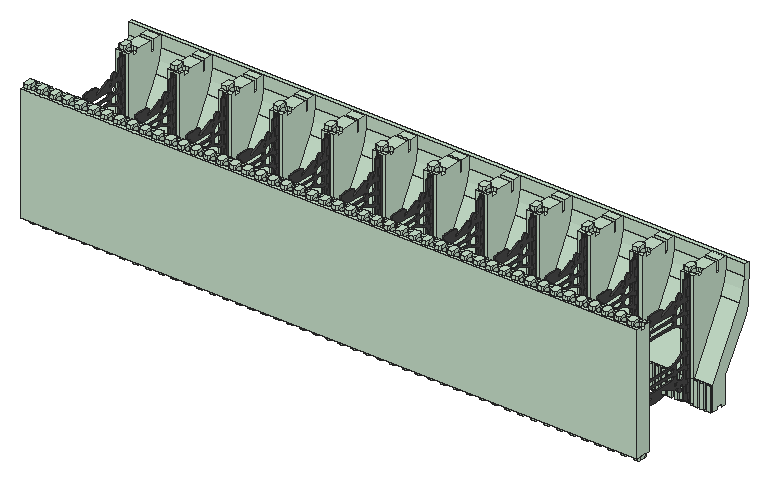
Revit family (continued)
Forms (mm)
  Extrusion 54, void
    sketch origin (1574.8, -0.084, 0) x (-1, 0, 0) y (0, -1, 0)
      loop
        arc (50.8, -101.014) -> (50.362, -98.696) -> (49.108, -96.698) r 6.35
        arc (49.108, -96.698) -> (48.795, -96.199) -> (48.685, -95.62) r 1.588
        line (48.685, -95.62) -> (48.685, -86.829) -> (44.346, -86.829) -> (44.346, -92.457)
        arc (44.346, -92.457) -> (43.786, -93.668) -> (42.5, -94.024) r 1.587
        arc (42.5, -94.024) -> (36.091, -93.737) -> (29.796, -94.972) r 26.988
        arc (29.796, -94.972) -> (26.615, -97.278) -> (25.4, -101.014) r 6.35
        line (25.4, -101.014) -> (25.4, -124.411)
    from 457.2 to 444.5
  Extrusion 55, void
    sketch origin (1371.6, -0.084, 0) x (-1, 0, 0) y (0, -1, 0)
      loop
        arc (25.4, -124.411) -> (26.615, -128.147) -> (29.796, -130.453) r 6.35
        arc (29.796, -130.453) -> (38.1, -131.763) -> (46.404, -130.453) r 26.987
        arc (46.404, -130.453) -> (49.585, -128.147) -> (50.8, -124.411) r 6.35
        line (50.8, -124.411) -> (50.8, -101.014)
        arc (50.8, -101.014) -> (50.362, -98.696) -> (49.108, -96.698) r 6.35
        arc (49.108, -96.698) -> (48.795, -96.199) -> (48.685, -95.62) r 1.588
        line (48.685, -95.62) -> (48.685, -86.829) -> (44.346, -86.829) -> (44.346, -92.457)
        arc (44.346, -92.457) -> (43.786, -93.668) -> (42.5, -94.024) r 1.587
        arc (42.5, -94.024) -> (36.091, -93.737) -> (29.796, -94.972) r 26.988
        arc (29.796, -94.972) -> (26.615, -97.278) -> (25.4, -101.014) r 6.35
        line (25.4, -101.014) -> (25.4, -124.411)
    from 457.2 to 444.5
  Extrusion 56, void
    sketch origin (1168.4, -0.084, 0) x (-1, 0, 0) y (0, -1, 0)
      loop
        arc (25.4, -124.411) -> (26.615, -128.147) -> (29.796, -130.453) r 6.35
        arc (29.796, -130.453) -> (38.1, -131.763) -> (46.404, -130.453) r 26.987
        arc (46.404, -130.453) -> (49.585, -128.147) -> (50.8, -124.411) r 6.35
        line (50.8, -124.411) -> (50.8, -101.014)
        arc (50.8, -101.014) -> (50.362, -98.696) -> (49.108, -96.698) r 6.35
        arc (49.108, -96.698) -> (48.795, -96.199) -> (48.685, -95.62) r 1.588
        line (48.685, -95.62) -> (48.685, -86.829) -> (44.346, -86.829) -> (44.346, -92.457)
        arc (44.346, -92.457) -> (43.786, -93.668) -> (42.5, -94.024) r 1.587
        arc (42.5, -94.024) -> (36.091, -93.737) -> (29.796, -94.972) r 26.988
        arc (29.796, -94.972) -> (26.615, -97.278) -> (25.4, -101.014) r 6.35
        line (25.4, -101.014) -> (25.4, -124.411)
    from 457.2 to 444.5
  Extrusion 57, void
    sketch origin (965.2, -0.084, 0) x (-1, 0, 0) y (0, -1, 0)
      loop
        arc (25.4, -124.411) -> (26.615, -128.147) -> (29.796, -130.453) r 6.35
        arc (29.796, -130.453) -> (38.1, -131.763) -> (46.404, -130.453) r 26.987
        arc (46.404, -130.453) -> (49.585, -128.147) -> (50.8, -124.411) r 6.35
        line (50.8, -124.411) -> (50.8, -101.014)
        arc (50.8, -101.014) -> (50.362, -98.696) -> (49.108, -96.698) r 6.35
        arc (49.108, -96.698) -> (48.795, -96.199) -> (48.685, -95.62) r 1.588
        line (48.685, -95.62) -> (48.685, -86.829) -> (44.346, -86.829) -> (44.346, -92.457)
        arc (44.346, -92.457) -> (43.786, -93.668) -> (42.5, -94.024) r 1.587
        arc (42.5, -94.024) -> (36.091, -93.737) -> (29.796, -94.972) r 26.988
        arc (29.796, -94.972) -> (26.615, -97.278) -> (25.4, -101.014) r 6.35
        line (25.4, -101.014) -> (25.4, -124.411)
    from 457.2 to 444.5
  Extrusion 58, void
    sketch origin (762, -0.084, 0) x (-1, 0, 0) y (0, -1, 0)
      loop
        arc (25.4, -124.411) -> (26.615, -128.147) -> (29.796, -130.453) r 6.35
        arc (29.796, -130.453) -> (38.1, -131.763) -> (46.404, -130.453) r 26.987
        arc (46.404, -130.453) -> (49.585, -128.147) -> (50.8, -124.411) r 6.35
        line (50.8, -124.411) -> (50.8, -101.014)
        arc (50.8, -101.014) -> (50.362, -98.696) -> (49.108, -96.698) r 6.35
        arc (49.108, -96.698) -> (48.795, -96.199) -> (48.685, -95.62) r 1.588
        line (48.685, -95.62) -> (48.685, -86.829) -> (44.346, -86.829) -> (44.346, -92.457)
        arc (44.346, -92.457) -> (43.786, -93.668) -> (42.5, -94.024) r 1.587
        arc (42.5, -94.024) -> (36.091, -93.737) -> (29.796, -94.972) r 26.988
        arc (29.796, -94.972) -> (26.615, -97.278) -> (25.4, -101.014) r 6.35
        line (25.4, -101.014) -> (25.4, -124.411)
    from 457.2 to 444.5
  Extrusion 59, void
    sketch origin (558.8, -0.084, 0) x (-1, 0, 0) y (0, -1, 0)
      loop
        arc (25.4, -124.411) -> (26.615, -128.147) -> (29.796, -130.453) r 6.35
        arc (29.796, -130.453) -> (38.1, -131.763) -> (46.404, -130.453) r 26.987
        arc (46.404, -130.453) -> (49.585, -128.147) -> (50.8, -124.411) r 6.35
        line (50.8, -124.411) -> (50.8, -101.014)
        arc (50.8, -101.014) -> (50.362, -98.696) -> (49.108, -96.698) r 6.35
        arc (49.108, -96.698) -> (48.795, -96.199) -> (48.685, -95.62) r 1.588
        line (48.685, -95.62) -> (48.685, -86.829) -> (44.346, -86.829) -> (44.346, -92.457)
        arc (44.346, -92.457) -> (43.786, -93.668) -> (42.5, -94.024) r 1.587
        arc (42.5, -94.024) -> (36.091, -93.737) -> (29.796, -94.972) r 26.988
        arc (29.796, -94.972) -> (26.615, -97.278) -> (25.4, -101.014) r 6.35
        line (25.4, -101.014) -> (25.4, -124.411)
    from 457.2 to 444.5
  Extrusion 60, void
    sketch origin (355.6, -0.084, 0) x (-1, 0, 0) y (0, -1, 0)
      loop
        arc (25.4, -124.411) -> (26.615, -128.147) -> (29.796, -130.453) r 6.35
        arc (29.796, -130.453) -> (38.1, -131.763) -> (46.404, -130.453) r 26.987
        arc (46.404, -130.453) -> (49.585, -128.147) -> (50.8, -124.411) r 6.35
        line (50.8, -124.411) -> (50.8, -101.014)
        arc (50.8, -101.014) -> (50.362, -98.696) -> (49.108, -96.698) r 6.35
        arc (49.108, -96.698) -> (48.795, -96.199) -> (48.685, -95.62) r 1.588
        line (48.685, -95.62) -> (48.685, -86.829) -> (44.346, -86.829) -> (44.346, -92.457)
        arc (44.346, -92.457) -> (43.786, -93.668) -> (42.5, -94.024) r 1.587
        arc (42.5, -94.024) -> (36.091, -93.737) -> (29.796, -94.972) r 26.988
        arc (29.796, -94.972) -> (26.615, -97.278) -> (25.4, -101.014) r 6.35
        line (25.4, -101.014) -> (25.4, -124.411)
    from 457.2 to 444.5
  Extrusion 61, void
    sketch origin (152.4, -0.084, 0) x (-1, 0, 0) y (0, -1, 0)
      loop
        arc (25.4, -124.411) -> (26.615, -128.147) -> (29.796, -130.453) r 6.35
        arc (29.796, -130.453) -> (38.1, -131.763) -> (46.404, -130.453) r 26.987
        arc (46.404, -130.453) -> (49.585, -128.147) -> (50.8, -124.411) r 6.35
        line (50.8, -124.411) -> (50.8, -101.014)
        arc (50.8, -101.014) -> (50.362, -98.696) -> (49.108, -96.698) r 6.35
        arc (49.108, -96.698) -> (48.795, -96.199) -> (48.685, -95.62) r 1.588
        line (48.685, -95.62) -> (48.685, -86.829) -> (44.346, -86.829) -> (44.346, -92.457)
        arc (44.346, -92.457) -> (43.786, -93.668) -> (42.5, -94.024) r 1.587
        arc (42.5, -94.024) -> (36.091, -93.737) -> (29.796, -94.972) r 26.988
        arc (29.796, -94.972) -> (26.615, -97.278) -> (25.4, -101.014) r 6.35
        line (25.4, -101.014) -> (25.4, -124.411)
    from 457.2 to 444.5
  Extrusion 62, void
    sketch origin (50.8, -152.484, 0) x (-1, 0, 0) y (0, -1, 0)
      loop
        line (25.4, 124.411) -> (25.4, 101.014)
        arc (25.4, 101.014) -> (26.615, 97.278) -> (29.796, 94.972) r 6.35
        arc (29.796, 94.972) -> (36.091, 93.737) -> (42.5, 94.024) r 26.988
        arc (42.5, 94.024) -> (43.786, 93.668) -> (44.346, 92.457) r 1.587
        line (44.346, 92.457) -> (44.346, 86.829) -> (48.685, 86.829) -> (48.685, 95.62)
        arc (48.685, 95.62) -> (48.795, 96.199) -> (49.108, 96.698) r 1.588
        arc (49.108, 96.698) -> (50.362, 98.696) -> (50.8, 101.014) r 6.35
        line (50.8, 101.014) -> (50.8, 124.411)
        arc (50.8, 124.411) -> (49.585, 128.147) -> (46.404, 130.453) r 6.35
        arc (46.404, 130.453) -> (38.1, 131.763) -> (29.796, 130.453) r 26.987
        arc (29.796, 130.453) -> (26.615, 128.147) -> (25.4, 124.411) r 6.35
    from 0 to 12.7
  Extrusion 63, void
    sketch origin (101.6, -152.484, 0) x (-1, 0, 0) y (0, -1, 0)
      loop
        line (25.4, 124.411) -> (25.4, 101.014)
        arc (25.4, 101.014) -> (26.615, 97.278) -> (29.796, 94.972) r 6.35
        arc (29.796, 94.972) -> (36.091, 93.737) -> (42.5, 94.024) r 26.988
        arc (42.5, 94.024) -> (43.786, 93.668) -> (44.346, 92.457) r 1.587
        line (44.346, 92.457) -> (44.346, 86.829) -> (48.685, 86.829) -> (48.685, 95.62)
        arc (48.685, 95.62) -> (48.795, 96.199) -> (49.108, 96.698) r 1.588
        arc (49.108, 96.698) -> (50.362, 98.696) -> (50.8, 101.014) r 6.35
        line (50.8, 101.014) -> (50.8, 124.411)
        arc (50.8, 124.411) -> (49.585, 128.147) -> (46.404, 130.453) r 6.35
        arc (46.404, 130.453) -> (38.1, 131.763) -> (29.796, 130.453) r 26.987
        arc (29.796, 130.453) -> (26.615, 128.147) -> (25.4, 124.411) r 6.35
    from 0 to 12.7
  Extrusion 64, void
    sketch origin (152.4, -152.484, 0) x (-1, 0, 0) y (0, -1, 0)
      loop
        line (25.4, 124.411) -> (25.4, 101.014)
        arc (25.4, 101.014) -> (26.615, 97.278) -> (29.796, 94.972) r 6.35
        arc (29.796, 94.972) -> (36.091, 93.737) -> (42.5, 94.024) r 26.988
        arc (42.5, 94.024) -> (43.786, 93.668) -> (44.346, 92.457) r 1.587
        line (44.346, 92.457) -> (44.346, 86.829) -> (48.685, 86.829) -> (48.685, 95.62)
        arc (48.685, 95.62) -> (48.795, 96.199) -> (49.108, 96.698) r 1.588
        arc (49.108, 96.698) -> (50.362, 98.696) -> (50.8, 101.014) r 6.35
        line (50.8, 101.014) -> (50.8, 124.411)
        arc (50.8, 124.411) -> (49.585, 128.147) -> (46.404, 130.453) r 6.35
        arc (46.404, 130.453) -> (38.1, 131.763) -> (29.796, 130.453) r 26.987
        arc (29.796, 130.453) -> (26.615, 128.147) -> (25.4, 124.411) r 6.35
    from 0 to 12.7
  Extrusion 65, void
    sketch origin (203.2, -152.484, 0) x (-1, 0, 0) y (0, -1, 0)
      loop
        line (25.4, 124.411) -> (25.4, 101.014)
        arc (25.4, 101.014) -> (26.615, 97.278) -> (29.796, 94.972) r 6.35
        arc (29.796, 94.972) -> (36.091, 93.737) -> (42.5, 94.024) r 26.988
        arc (42.5, 94.024) -> (43.786, 93.668) -> (44.346, 92.457) r 1.587
        line (44.346, 92.457) -> (44.346, 86.829) -> (48.685, 86.829) -> (48.685, 95.62)
        arc (48.685, 95.62) -> (48.795, 96.199) -> (49.108, 96.698) r 1.588
        arc (49.108, 96.698) -> (50.362, 98.696) -> (50.8, 101.014) r 6.35
        line (50.8, 101.014) -> (50.8, 124.411)
        arc (50.8, 124.411) -> (49.585, 128.147) -> (46.404, 130.453) r 6.35
        arc (46.404, 130.453) -> (38.1, 131.763) -> (29.796, 130.453) r 26.987
        arc (29.796, 130.453) -> (26.615, 128.147) -> (25.4, 124.411) r 6.35
    from 0 to 12.7
  Extrusion 66, void
    sketch origin (254, -152.484, 0) x (-1, 0, 0) y (0, -1, 0)
      loop
        line (25.4, 124.411) -> (25.4, 101.014)
        arc (25.4, 101.014) -> (26.615, 97.278) -> (29.796, 94.972) r 6.35
        arc (29.796, 94.972) -> (36.091, 93.737) -> (42.5, 94.024) r 26.988
        arc (42.5, 94.024) -> (43.786, 93.668) -> (44.346, 92.457) r 1.587
        line (44.346, 92.457) -> (44.346, 86.829) -> (48.685, 86.829) -> (48.685, 95.62)
        arc (48.685, 95.62) -> (48.795, 96.199) -> (49.108, 96.698) r 1.588
        arc (49.108, 96.698) -> (50.362, 98.696) -> (50.8, 101.014) r 6.35
        line (50.8, 101.014) -> (50.8, 124.411)
        arc (50.8, 124.411) -> (49.585, 128.147) -> (46.404, 130.453) r 6.35
        arc (46.404, 130.453) -> (38.1, 131.763) -> (29.796, 130.453) r 26.987
        arc (29.796, 130.453) -> (26.615, 128.147) -> (25.4, 124.411) r 6.35
    from 0 to 12.7
  Extrusion 67, void
    sketch origin (304.8, -152.484, 0) x (-1, 0, 0) y (0, -1, 0)
      loop
        line (25.4, 124.411) -> (25.4, 101.014)
        arc (25.4, 101.014) -> (26.615, 97.278) -> (29.796, 94.972) r 6.35
        arc (29.796, 94.972) -> (36.091, 93.737) -> (42.5, 94.024) r 26.988
        arc (42.5, 94.024) -> (43.786, 93.668) -> (44.346, 92.457) r 1.587
        line (44.346, 92.457) -> (44.346, 86.829) -> (48.685, 86.829) -> (48.685, 95.62)
        arc (48.685, 95.62) -> (48.795, 96.199) -> (49.108, 96.698) r 1.588
        arc (49.108, 96.698) -> (50.362, 98.696) -> (50.8, 101.014) r 6.35
        line (50.8, 101.014) -> (50.8, 124.411)
        arc (50.8, 124.411) -> (49.585, 128.147) -> (46.404, 130.453) r 6.35
        arc (46.404, 130.453) -> (38.1, 131.763) -> (29.796, 130.453) r 26.987
        arc (29.796, 130.453) -> (26.615, 128.147) -> (25.4, 124.411) r 6.35
    from 0 to 12.7
  Extrusion 68, void
    sketch origin (355.6, -152.484, 0) x (-1, 0, 0) y (0, -1, 0)
      loop
        line (25.4, 124.411) -> (25.4, 101.014)
        arc (25.4, 101.014) -> (26.615, 97.278) -> (29.796, 94.972) r 6.35
        arc (29.796, 94.972) -> (36.091, 93.737) -> (42.5, 94.024) r 26.988
        arc (42.5, 94.024) -> (43.786, 93.668) -> (44.346, 92.457) r 1.587
        line (44.346, 92.457) -> (44.346, 86.829) -> (48.685, 86.829) -> (48.685, 95.62)
        arc (48.685, 95.62) -> (48.795, 96.199) -> (49.108, 96.698) r 1.588
        arc (49.108, 96.698) -> (50.362, 98.696) -> (50.8, 101.014) r 6.35
        line (50.8, 101.014) -> (50.8, 124.411)
        arc (50.8, 124.411) -> (49.585, 128.147) -> (46.404, 130.453) r 6.35
        arc (46.404, 130.453) -> (38.1, 131.763) -> (29.796, 130.453) r 26.987
        arc (29.796, 130.453) -> (26.615, 128.147) -> (25.4, 124.411) r 6.35
    from 0 to 12.7
  Extrusion 69, void
    sketch origin (406.4, -152.484, 0) x (-1, 0, 0) y (0, -1, 0)
      loop
        line (25.4, 124.411) -> (25.4, 101.014)
        arc (25.4, 101.014) -> (26.615, 97.278) -> (29.796, 94.972) r 6.35
        arc (29.796, 94.972) -> (36.091, 93.737) -> (42.5, 94.024) r 26.988
        arc (42.5, 94.024) -> (43.786, 93.668) -> (44.346, 92.457) r 1.587
        line (44.346, 92.457) -> (44.346, 86.829) -> (48.685, 86.829) -> (48.685, 95.62)
        arc (48.685, 95.62) -> (48.795, 96.199) -> (49.108, 96.698) r 1.588
        arc (49.108, 96.698) -> (50.362, 98.696) -> (50.8, 101.014) r 6.35
        line (50.8, 101.014) -> (50.8, 124.411)
        arc (50.8, 124.411) -> (49.585, 128.147) -> (46.404, 130.453) r 6.35
        arc (46.404, 130.453) -> (38.1, 131.763) -> (29.796, 130.453) r 26.987
        arc (29.796, 130.453) -> (26.615, 128.147) -> (25.4, 124.411) r 6.35
    from 0 to 12.7
  Extrusion 70, void
    sketch origin (457.2, -152.484, 0) x (-1, 0, 0) y (0, -1, 0)
      loop
        line (25.4, 124.411) -> (25.4, 101.014)
        arc (25.4, 101.014) -> (26.615, 97.278) -> (29.796, 94.972) r 6.35
        arc (29.796, 94.972) -> (36.091, 93.737) -> (42.5, 94.024) r 26.988
        arc (42.5, 94.024) -> (43.786, 93.668) -> (44.346, 92.457) r 1.587
        line (44.346, 92.457) -> (44.346, 86.829) -> (48.685, 86.829) -> (48.685, 95.62)
        arc (48.685, 95.62) -> (48.795, 96.199) -> (49.108, 96.698) r 1.588
        arc (49.108, 96.698) -> (50.362, 98.696) -> (50.8, 101.014) r 6.35
        line (50.8, 101.014) -> (50.8, 124.411)
        arc (50.8, 124.411) -> (49.585, 128.147) -> (46.404, 130.453) r 6.35
        arc (46.404, 130.453) -> (38.1, 131.763) -> (29.796, 130.453) r 26.987
        arc (29.796, 130.453) -> (26.615, 128.147) -> (25.4, 124.411) r 6.35
    from 0 to 12.7
  Extrusion 71, void
    sketch origin (508, -152.484, 0) x (-1, 0, 0) y (0, -1, 0)
      loop
        line (25.4, 124.411) -> (25.4, 101.014)
        arc (25.4, 101.014) -> (26.615, 97.278) -> (29.796, 94.972) r 6.35
        arc (29.796, 94.972) -> (36.091, 93.737) -> (42.5, 94.024) r 26.988
        arc (42.5, 94.024) -> (43.786, 93.668) -> (44.346, 92.457) r 1.587
        line (44.346, 92.457) -> (44.346, 86.829) -> (48.685, 86.829) -> (48.685, 95.62)
        arc (48.685, 95.62) -> (48.795, 96.199) -> (49.108, 96.698) r 1.588
        arc (49.108, 96.698) -> (50.362, 98.696) -> (50.8, 101.014) r 6.35
        line (50.8, 101.014) -> (50.8, 124.411)
        arc (50.8, 124.411) -> (49.585, 128.147) -> (46.404, 130.453) r 6.35
        arc (46.404, 130.453) -> (38.1, 131.763) -> (29.796, 130.453) r 26.987
        arc (29.796, 130.453) -> (26.615, 128.147) -> (25.4, 124.411) r 6.35
    from 0 to 12.7
  Extrusion 72, void
    sketch origin (558.8, -152.484, 0) x (-1, 0, 0) y (0, -1, 0)
      loop
        line (25.4, 124.411) -> (25.4, 101.014)
        arc (25.4, 101.014) -> (26.615, 97.278) -> (29.796, 94.972) r 6.35
        arc (29.796, 94.972) -> (36.091, 93.737) -> (42.5, 94.024) r 26.988
        arc (42.5, 94.024) -> (43.786, 93.668) -> (44.346, 92.457) r 1.587
        line (44.346, 92.457) -> (44.346, 86.829) -> (48.685, 86.829) -> (48.685, 95.62)
        arc (48.685, 95.62) -> (48.795, 96.199) -> (49.108, 96.698) r 1.588
        arc (49.108, 96.698) -> (50.362, 98.696) -> (50.8, 101.014) r 6.35
        line (50.8, 101.014) -> (50.8, 124.411)
        arc (50.8, 124.411) -> (49.585, 128.147) -> (46.404, 130.453) r 6.35
        arc (46.404, 130.453) -> (38.1, 131.763) -> (29.796, 130.453) r 26.987
        arc (29.796, 130.453) -> (26.615, 128.147) -> (25.4, 124.411) r 6.35
    from 0 to 12.7
  Extrusion 73, void
    sketch origin (609.6, -152.484, 0) x (-1, 0, 0) y (0, -1, 0)
      loop
        line (25.4, 124.411) -> (25.4, 101.014)
        arc (25.4, 101.014) -> (26.615, 97.278) -> (29.796, 94.972) r 6.35
        arc (29.796, 94.972) -> (36.091, 93.737) -> (42.5, 94.024) r 26.988
        arc (42.5, 94.024) -> (43.786, 93.668) -> (44.346, 92.457) r 1.587
        line (44.346, 92.457) -> (44.346, 86.829) -> (48.685, 86.829) -> (48.685, 95.62)
        arc (48.685, 95.62) -> (48.795, 96.199) -> (49.108, 96.698) r 1.588
        arc (49.108, 96.698) -> (50.362, 98.696) -> (50.8, 101.014) r 6.35
        line (50.8, 101.014) -> (50.8, 124.411)
        arc (50.8, 124.411) -> (49.585, 128.147) -> (46.404, 130.453) r 6.35
        arc (46.404, 130.453) -> (38.1, 131.763) -> (29.796, 130.453) r 26.987
        arc (29.796, 130.453) -> (26.615, 128.147) -> (25.4, 124.411) r 6.35
    from 0 to 12.7
  Extrusion 74, void
    sketch origin (660.4, -152.484, 0) x (-1, 0, 0) y (0, -1, 0)
      loop
        line (25.4, 124.411) -> (25.4, 101.014)
        arc (25.4, 101.014) -> (26.615, 97.278) -> (29.796, 94.972) r 6.35
        arc (29.796, 94.972) -> (36.091, 93.737) -> (42.5, 94.024) r 26.988
        arc (42.5, 94.024) -> (43.786, 93.668) -> (44.346, 92.457) r 1.587
        line (44.346, 92.457) -> (44.346, 86.829) -> (48.685, 86.829) -> (48.685, 95.62)
        arc (48.685, 95.62) -> (48.795, 96.199) -> (49.108, 96.698) r 1.588
        arc (49.108, 96.698) -> (50.362, 98.696) -> (50.8, 101.014) r 6.35
        line (50.8, 101.014) -> (50.8, 124.411)
        arc (50.8, 124.411) -> (49.585, 128.147) -> (46.404, 130.453) r 6.35
        arc (46.404, 130.453) -> (38.1, 131.763) -> (29.796, 130.453) r 26.987
        arc (29.796, 130.453) -> (26.615, 128.147) -> (25.4, 124.411) r 6.35
    from 0 to 12.7
  Extrusion 75, void
    sketch origin (711.2, -152.484, 0) x (-1, 0, 0) y (0, -1, 0)
      loop
        line (25.4, 124.411) -> (25.4, 101.014)
        arc (25.4, 101.014) -> (26.615, 97.278) -> (29.796, 94.972) r 6.35
        arc (29.796, 94.972) -> (36.091, 93.737) -> (42.5, 94.024) r 26.988
        arc (42.5, 94.024) -> (43.786, 93.668) -> (44.346, 92.457) r 1.587
        line (44.346, 92.457) -> (44.346, 86.829) -> (48.685, 86.829) -> (48.685, 95.62)
        arc (48.685, 95.62) -> (48.795, 96.199) -> (49.108, 96.698) r 1.588
        arc (49.108, 96.698) -> (50.362, 98.696) -> (50.8, 101.014) r 6.35
        line (50.8, 101.014) -> (50.8, 124.411)
        arc (50.8, 124.411) -> (49.585, 128.147) -> (46.404, 130.453) r 6.35
        arc (46.404, 130.453) -> (38.1, 131.763) -> (29.796, 130.453) r 26.987
        arc (29.796, 130.453) -> (26.615, 128.147) -> (25.4, 124.411) r 6.35
    from 0 to 12.7
  Extrusion 76, void
    sketch origin (762, -152.484, 0) x (-1, 0, 0) y (0, -1, 0)
      loop
        line (25.4, 124.411) -> (25.4, 101.014)
        arc (25.4, 101.014) -> (26.615, 97.278) -> (29.796, 94.972) r 6.35
        arc (29.796, 94.972) -> (36.091, 93.737) -> (42.5, 94.024) r 26.988
        arc (42.5, 94.024) -> (43.786, 93.668) -> (44.346, 92.457) r 1.587
        line (44.346, 92.457) -> (44.346, 86.829) -> (48.685, 86.829) -> (48.685, 95.62)
        arc (48.685, 95.62) -> (48.795, 96.199) -> (49.108, 96.698) r 1.588
        arc (49.108, 96.698) -> (50.362, 98.696) -> (50.8, 101.014) r 6.35
        line (50.8, 101.014) -> (50.8, 124.411)
        arc (50.8, 124.411) -> (49.585, 128.147) -> (46.404, 130.453) r 6.35
        arc (46.404, 130.453) -> (38.1, 131.763) -> (29.796, 130.453) r 26.987
        arc (29.796, 130.453) -> (26.615, 128.147) -> (25.4, 124.411) r 6.35
    from 0 to 12.7
  Extrusion 77, void
    sketch origin (812.8, -152.484, 0) x (-1, 0, 0) y (0, -1, 0)
      loop
        line (25.4, 124.411) -> (25.4, 101.014)
        arc (25.4, 101.014) -> (26.615, 97.278) -> (29.796, 94.972) r 6.35
        arc (29.796, 94.972) -> (36.091, 93.737) -> (42.5, 94.024) r 26.988
        arc (42.5, 94.024) -> (43.786, 93.668) -> (44.346, 92.457) r 1.587
        line (44.346, 92.457) -> (44.346, 86.829) -> (48.685, 86.829) -> (48.685, 95.62)
        arc (48.685, 95.62) -> (48.795, 96.199) -> (49.108, 96.698) r 1.588
        arc (49.108, 96.698) -> (50.362, 98.696) -> (50.8, 101.014) r 6.35
        line (50.8, 101.014) -> (50.8, 124.411)
        arc (50.8, 124.411) -> (49.585, 128.147) -> (46.404, 130.453) r 6.35
        arc (46.404, 130.453) -> (38.1, 131.763) -> (29.796, 130.453) r 26.987
        arc (29.796, 130.453) -> (26.615, 128.147) -> (25.4, 124.411) r 6.35
    from 0 to 12.7
  Extrusion 78, void
    sketch origin (863.6, -152.484, 0) x (-1, 0, 0) y (0, -1, 0)
      loop
        line (25.4, 124.411) -> (25.4, 101.014)
        arc (25.4, 101.014) -> (26.615, 97.278) -> (29.796, 94.972) r 6.35
        arc (29.796, 94.972) -> (36.091, 93.737) -> (42.5, 94.024) r 26.988
        arc (42.5, 94.024) -> (43.786, 93.668) -> (44.346, 92.457) r 1.587
        line (44.346, 92.457) -> (44.346, 86.829) -> (48.685, 86.829) -> (48.685, 95.62)
        arc (48.685, 95.62) -> (48.795, 96.199) -> (49.108, 96.698) r 1.588
        arc (49.108, 96.698) -> (50.362, 98.696) -> (50.8, 101.014) r 6.35
        line (50.8, 101.014) -> (50.8, 124.411)
        arc (50.8, 124.411) -> (49.585, 128.147) -> (46.404, 130.453) r 6.35
        arc (46.404, 130.453) -> (38.1, 131.763) -> (29.796, 130.453) r 26.987
        arc (29.796, 130.453) -> (26.615, 128.147) -> (25.4, 124.411) r 6.35
    from 0 to 12.7
  Extrusion 79, void
    sketch origin (914.4, -152.484, 0) x (-1, 0, 0) y (0, -1, 0)
      loop
        line (25.4, 124.411) -> (25.4, 101.014)
        arc (25.4, 101.014) -> (26.615, 97.278) -> (29.796, 94.972) r 6.35
        arc (29.796, 94.972) -> (36.091, 93.737) -> (42.5, 94.024) r 26.988
        arc (42.5, 94.024) -> (43.786, 93.668) -> (44.346, 92.457) r 1.587
        line (44.346, 92.457) -> (44.346, 86.829) -> (48.685, 86.829) -> (48.685, 95.62)
        arc (48.685, 95.62) -> (48.795, 96.199) -> (49.108, 96.698) r 1.588
        arc (49.108, 96.698) -> (50.362, 98.696) -> (50.8, 101.014) r 6.35
        line (50.8, 101.014) -> (50.8, 124.411)
        arc (50.8, 124.411) -> (49.585, 128.147) -> (46.404, 130.453) r 6.35
        arc (46.404, 130.453) -> (38.1, 131.763) -> (29.796, 130.453) r 26.987
        arc (29.796, 130.453) -> (26.615, 128.147) -> (25.4, 124.411) r 6.35
    from 0 to 12.7
  Extrusion 80, void
    sketch origin (965.2, -152.484, 0) x (-1, 0, 0) y (0, -1, 0)
      loop
        line (25.4, 124.411) -> (25.4, 101.014)
        arc (25.4, 101.014) -> (26.615, 97.278) -> (29.796, 94.972) r 6.35
        arc (29.796, 94.972) -> (36.091, 93.737) -> (42.5, 94.024) r 26.988
        arc (42.5, 94.024) -> (43.786, 93.668) -> (44.346, 92.457) r 1.587
        line (44.346, 92.457) -> (44.346, 86.829) -> (48.685, 86.829) -> (48.685, 95.62)
        arc (48.685, 95.62) -> (48.795, 96.199) -> (49.108, 96.698) r 1.588
        arc (49.108, 96.698) -> (50.362, 98.696) -> (50.8, 101.014) r 6.35
        line (50.8, 101.014) -> (50.8, 124.411)
        arc (50.8, 124.411) -> (49.585, 128.147) -> (46.404, 130.453) r 6.35
        arc (46.404, 130.453) -> (38.1, 131.763) -> (29.796, 130.453) r 26.987
        arc (29.796, 130.453) -> (26.615, 128.147) -> (25.4, 124.411) r 6.35
    from 0 to 12.7
  Extrusion 81, void
    sketch origin (1016, -152.484, 0) x (-1, 0, 0) y (0, -1, 0)
      loop
        line (25.4, 124.411) -> (25.4, 101.014)
        arc (25.4, 101.014) -> (26.615, 97.278) -> (29.796, 94.972) r 6.35
        arc (29.796, 94.972) -> (36.091, 93.737) -> (42.5, 94.024) r 26.988
        arc (42.5, 94.024) -> (43.786, 93.668) -> (44.346, 92.457) r 1.587
        line (44.346, 92.457) -> (44.346, 86.829) -> (48.685, 86.829) -> (48.685, 95.62)
        arc (48.685, 95.62) -> (48.795, 96.199) -> (49.108, 96.698) r 1.588
        arc (49.108, 96.698) -> (50.362, 98.696) -> (50.8, 101.014) r 6.35
        line (50.8, 101.014) -> (50.8, 124.411)
        arc (50.8, 124.411) -> (49.585, 128.147) -> (46.404, 130.453) r 6.35
        arc (46.404, 130.453) -> (38.1, 131.763) -> (29.796, 130.453) r 26.987
        arc (29.796, 130.453) -> (26.615, 128.147) -> (25.4, 124.411) r 6.35
    from 0 to 12.7
  Extrusion 82, void
    sketch origin (1066.8, -152.484, 0) x (-1, 0, 0) y (0, -1, 0)
      loop
        line (25.4, 124.411) -> (25.4, 101.014)
        arc (25.4, 101.014) -> (26.615, 97.278) -> (29.796, 94.972) r 6.35
        arc (29.796, 94.972) -> (36.091, 93.737) -> (42.5, 94.024) r 26.988
        arc (42.5, 94.024) -> (43.786, 93.668) -> (44.346, 92.457) r 1.587
        line (44.346, 92.457) -> (44.346, 86.829) -> (48.685, 86.829) -> (48.685, 95.62)
        arc (48.685, 95.62) -> (48.795, 96.199) -> (49.108, 96.698) r 1.588
        arc (49.108, 96.698) -> (50.362, 98.696) -> (50.8, 101.014) r 6.35
        line (50.8, 101.014) -> (50.8, 124.411)
        arc (50.8, 124.411) -> (49.585, 128.147) -> (46.404, 130.453) r 6.35
        arc (46.404, 130.453) -> (38.1, 131.763) -> (29.796, 130.453) r 26.987
        arc (29.796, 130.453) -> (26.615, 128.147) -> (25.4, 124.411) r 6.35
    from 0 to 12.7
  Extrusion 83, void
    sketch origin (1117.6, -152.484, 0) x (-1, 0, 0) y (0, -1, 0)
      loop
        line (25.4, 124.411) -> (25.4, 101.014)
        arc (25.4, 101.014) -> (26.615, 97.278) -> (29.796, 94.972) r 6.35
        arc (29.796, 94.972) -> (36.091, 93.737) -> (42.5, 94.024) r 26.988
        arc (42.5, 94.024) -> (43.786, 93.668) -> (44.346, 92.457) r 1.587
        line (44.346, 92.457) -> (44.346, 86.829) -> (48.685, 86.829) -> (48.685, 95.62)
        arc (48.685, 95.62) -> (48.795, 96.199) -> (49.108, 96.698) r 1.588
        arc (49.108, 96.698) -> (50.362, 98.696) -> (50.8, 101.014) r 6.35
        line (50.8, 101.014) -> (50.8, 124.411)
        arc (50.8, 124.411) -> (49.585, 128.147) -> (46.404, 130.453) r 6.35
        arc (46.404, 130.453) -> (38.1, 131.763) -> (29.796, 130.453) r 26.987
        arc (29.796, 130.453) -> (26.615, 128.147) -> (25.4, 124.411) r 6.35
    from 0 to 12.7
  Extrusion 84, void
    sketch origin (1168.4, -152.484, 0) x (-1, 0, 0) y (0, -1, 0)
      loop
        line (25.4, 124.411) -> (25.4, 101.014)
        arc (25.4, 101.014) -> (26.615, 97.278) -> (29.796, 94.972) r 6.35
        arc (29.796, 94.972) -> (36.091, 93.737) -> (42.5, 94.024) r 26.988
        arc (42.5, 94.024) -> (43.786, 93.668) -> (44.346, 92.457) r 1.587
        line (44.346, 92.457) -> (44.346, 86.829) -> (48.685, 86.829) -> (48.685, 95.62)
        arc (48.685, 95.62) -> (48.795, 96.199) -> (49.108, 96.698) r 1.588
        arc (49.108, 96.698) -> (50.362, 98.696) -> (50.8, 101.014) r 6.35
        line (50.8, 101.014) -> (50.8, 124.411)
        arc (50.8, 124.411) -> (49.585, 128.147) -> (46.404, 130.453) r 6.35
        arc (46.404, 130.453) -> (38.1, 131.763) -> (29.796, 130.453) r 26.987
        arc (29.796, 130.453) -> (26.615, 128.147) -> (25.4, 124.411) r 6.35
    from 0 to 12.7
  Extrusion 85, void
    sketch origin (1219.2, -152.484, 0) x (-1, 0, 0) y (0, -1, 0)
      loop
        line (25.4, 124.411) -> (25.4, 101.014)
        arc (25.4, 101.014) -> (26.615, 97.278) -> (29.796, 94.972) r 6.35
        arc (29.796, 94.972) -> (36.091, 93.737) -> (42.5, 94.024) r 26.988
        arc (42.5, 94.024) -> (43.786, 93.668) -> (44.346, 92.457) r 1.587
        line (44.346, 92.457) -> (44.346, 86.829) -> (48.685, 86.829) -> (48.685, 95.62)
        arc (48.685, 95.62) -> (48.795, 96.199) -> (49.108, 96.698) r 1.588
        arc (49.108, 96.698) -> (50.362, 98.696) -> (50.8, 101.014) r 6.35
        line (50.8, 101.014) -> (50.8, 124.411)
        arc (50.8, 124.411) -> (49.585, 128.147) -> (46.404, 130.453) r 6.35
        arc (46.404, 130.453) -> (38.1, 131.763) -> (29.796, 130.453) r 26.987
        arc (29.796, 130.453) -> (26.615, 128.147) -> (25.4, 124.411) r 6.35
    from 0 to 12.7
  Extrusion 86, void
    sketch origin (1270, -152.484, 0) x (-1, 0, 0) y (0, -1, 0)
      loop
        line (25.4, 124.411) -> (25.4, 101.014)
        arc (25.4, 101.014) -> (26.615, 97.278) -> (29.796, 94.972) r 6.35
        arc (29.796, 94.972) -> (36.091, 93.737) -> (42.5, 94.024) r 26.988
        arc (42.5, 94.024) -> (43.786, 93.668) -> (44.346, 92.457) r 1.587
        line (44.346, 92.457) -> (44.346, 86.829) -> (48.685, 86.829) -> (48.685, 95.62)
        arc (48.685, 95.62) -> (48.795, 96.199) -> (49.108, 96.698) r 1.588
        arc (49.108, 96.698) -> (50.362, 98.696) -> (50.8, 101.014) r 6.35
        line (50.8, 101.014) -> (50.8, 124.411)
        arc (50.8, 124.411) -> (49.585, 128.147) -> (46.404, 130.453) r 6.35
        arc (46.404, 130.453) -> (38.1, 131.763) -> (29.796, 130.453) r 26.987
        arc (29.796, 130.453) -> (26.615, 128.147) -> (25.4, 124.411) r 6.35
    from 0 to 12.7
  Extrusion 87, void
    sketch origin (1320.8, -152.484, 0) x (-1, 0, 0) y (0, -1, 0)
      loop
        line (25.4, 124.411) -> (25.4, 101.014)
        arc (25.4, 101.014) -> (26.615, 97.278) -> (29.796, 94.972) r 6.35
        arc (29.796, 94.972) -> (36.091, 93.737) -> (42.5, 94.024) r 26.988
        arc (42.5, 94.024) -> (43.786, 93.668) -> (44.346, 92.457) r 1.587
        line (44.346, 92.457) -> (44.346, 86.829) -> (48.685, 86.829) -> (48.685, 95.62)
        arc (48.685, 95.62) -> (48.795, 96.199) -> (49.108, 96.698) r 1.588
        arc (49.108, 96.698) -> (50.362, 98.696) -> (50.8, 101.014) r 6.35
        line (50.8, 101.014) -> (50.8, 124.411)
        arc (50.8, 124.411) -> (49.585, 128.147) -> (46.404, 130.453) r 6.35
        arc (46.404, 130.453) -> (38.1, 131.763) -> (29.796, 130.453) r 26.987
        arc (29.796, 130.453) -> (26.615, 128.147) -> (25.4, 124.411) r 6.35
    from 0 to 12.7
  Extrusion 88, void
    sketch origin (1371.6, -152.484, 0) x (-1, 0, 0) y (0, -1, 0)
      loop
        line (25.4, 124.411) -> (25.4, 101.014)
        arc (25.4, 101.014) -> (26.615, 97.278) -> (29.796, 94.972) r 6.35
        arc (29.796, 94.972) -> (36.091, 93.737) -> (42.5, 94.024) r 26.988
        arc (42.5, 94.024) -> (43.786, 93.668) -> (44.346, 92.457) r 1.587
        line (44.346, 92.457) -> (44.346, 86.829) -> (48.685, 86.829) -> (48.685, 95.62)
        arc (48.685, 95.62) -> (48.795, 96.199) -> (49.108, 96.698) r 1.588
        arc (49.108, 96.698) -> (50.362, 98.696) -> (50.8, 101.014) r 6.35
        line (50.8, 101.014) -> (50.8, 124.411)
        arc (50.8, 124.411) -> (49.585, 128.147) -> (46.404, 130.453) r 6.35
        arc (46.404, 130.453) -> (38.1, 131.763) -> (29.796, 130.453) r 26.987
        arc (29.796, 130.453) -> (26.615, 128.147) -> (25.4, 124.411) r 6.35
    from 0 to 12.7
  Extrusion 89, void
    sketch origin (1422.4, -152.484, 0) x (-1, 0, 0) y (0, -1, 0)
      loop
        line (25.4, 124.411) -> (25.4, 101.014)
        arc (25.4, 101.014) -> (26.615, 97.278) -> (29.796, 94.972) r 6.35
        arc (29.796, 94.972) -> (36.091, 93.737) -> (42.5, 94.024) r 26.988
        arc (42.5, 94.024) -> (43.786, 93.668) -> (44.346, 92.457) r 1.587
        line (44.346, 92.457) -> (44.346, 86.829) -> (48.685, 86.829) -> (48.685, 95.62)
        arc (48.685, 95.62) -> (48.795, 96.199) -> (49.108, 96.698) r 1.588
        arc (49.108, 96.698) -> (50.362, 98.696) -> (50.8, 101.014) r 6.35
        line (50.8, 101.014) -> (50.8, 124.411)
        arc (50.8, 124.411) -> (49.585, 128.147) -> (46.404, 130.453) r 6.35
        arc (46.404, 130.453) -> (38.1, 131.763) -> (29.796, 130.453) r 26.987
        arc (29.796, 130.453) -> (26.615, 128.147) -> (25.4, 124.411) r 6.35
    from 0 to 12.7
  Extrusion 90, void
    sketch origin (1473.2, -152.484, 0) x (-1, 0, 0) y (0, -1, 0)
      loop
        line (25.4, 124.411) -> (25.4, 101.014)
        arc (25.4, 101.014) -> (26.615, 97.278) -> (29.796, 94.972) r 6.35
        arc (29.796, 94.972) -> (36.091, 93.737) -> (42.5, 94.024) r 26.988
        arc (42.5, 94.024) -> (43.786, 93.668) -> (44.346, 92.457) r 1.587
        line (44.346, 92.457) -> (44.346, 86.829) -> (48.685, 86.829) -> (48.685, 95.62)
        arc (48.685, 95.62) -> (48.795, 96.199) -> (49.108, 96.698) r 1.588
        arc (49.108, 96.698) -> (50.362, 98.696) -> (50.8, 101.014) r 6.35
        line (50.8, 101.014) -> (50.8, 124.411)
        arc (50.8, 124.411) -> (49.585, 128.147) -> (46.404, 130.453) r 6.35
        arc (46.404, 130.453) -> (38.1, 131.763) -> (29.796, 130.453) r 26.987
        arc (29.796, 130.453) -> (26.615, 128.147) -> (25.4, 124.411) r 6.35
    from 0 to 12.7
  Extrusion 91, void
    sketch origin (1524, -152.484, 0) x (-1, 0, 0) y (0, -1, 0)
      loop
        line (25.4, 124.411) -> (25.4, 101.014)
        arc (25.4, 101.014) -> (26.615, 97.278) -> (29.796, 94.972) r 6.35
        arc (29.796, 94.972) -> (36.091, 93.737) -> (42.5, 94.024) r 26.988
        arc (42.5, 94.024) -> (43.786, 93.668) -> (44.346, 92.457) r 1.587
        line (44.346, 92.457) -> (44.346, 86.829) -> (48.685, 86.829) -> (48.685, 95.62)
        arc (48.685, 95.62) -> (48.795, 96.199) -> (49.108, 96.698) r 1.588
        arc (49.108, 96.698) -> (50.362, 98.696) -> (50.8, 101.014) r 6.35
        line (50.8, 101.014) -> (50.8, 124.411)
        arc (50.8, 124.411) -> (49.585, 128.147) -> (46.404, 130.453) r 6.35
        arc (46.404, 130.453) -> (38.1, 131.763) -> (29.796, 130.453) r 26.987
        arc (29.796, 130.453) -> (26.615, 128.147) -> (25.4, 124.411) r 6.35
    from 0 to 12.7
  Extrusion 92, void
    sketch origin (1574.8, -152.484, 0) x (-1, 0, 0) y (0, -1, 0)
      loop
        line (25.4, 124.411) -> (25.4, 101.014)
        arc (25.4, 101.014) -> (26.615, 97.278) -> (29.796, 94.972) r 6.35
        arc (29.796, 94.972) -> (36.091, 93.737) -> (42.5, 94.024) r 26.988
        arc (42.5, 94.024) -> (43.786, 93.668) -> (44.346, 92.457) r 1.587
        line (44.346, 92.457) -> (44.346, 86.829) -> (48.685, 86.829) -> (48.685, 95.62)
        arc (48.685, 95.62) -> (48.795, 96.199) -> (49.108, 96.698) r 1.588
        arc (49.108, 96.698) -> (50.362, 98.696) -> (50.8, 101.014) r 6.35
        line (50.8, 101.014) -> (50.8, 124.411)
        arc (50.8, 124.411) -> (49.585, 128.147) -> (46.404, 130.453) r 6.35
        arc (46.404, 130.453) -> (38.1, 131.763) -> (29.796, 130.453) r 26.987
        arc (29.796, 130.453) -> (26.615, 128.147) -> (25.4, 124.411) r 6.35
    from 0 to 12.7
  Extrusion 93, void
    sketch origin (1625.6, -152.484, 0) x (-1, 0, 0) y (0, -1, 0)
      loop
        line (25.4, 124.411) -> (25.4, 101.014)
        arc (25.4, 101.014) -> (26.615, 97.278) -> (29.796, 94.972) r 6.35
        arc (29.796, 94.972) -> (36.091, 93.737) -> (42.5, 94.024) r 26.988
        arc (42.5, 94.024) -> (43.786, 93.668) -> (44.346, 92.457) r 1.587
        line (44.346, 92.457) -> (44.346, 86.829) -> (48.685, 86.829) -> (48.685, 95.62)
        arc (48.685, 95.62) -> (48.795, 96.199) -> (49.108, 96.698) r 1.588
        arc (49.108, 96.698) -> (50.362, 98.696) -> (50.8, 101.014) r 6.35
        line (50.8, 101.014) -> (50.8, 124.411)
        arc (50.8, 124.411) -> (49.585, 128.147) -> (46.404, 130.453) r 6.35
        arc (46.404, 130.453) -> (38.1, 131.763) -> (29.796, 130.453) r 26.987
        arc (29.796, 130.453) -> (26.615, 128.147) -> (25.4, 124.411) r 6.35
    from 0 to 12.7
  Extrusion 94, void
    sketch origin (1676.4, -152.484, 0) x (-1, 0, 0) y (0, -1, 0)
      loop
        line (25.4, 124.411) -> (25.4, 101.014)
        arc (25.4, 101.014) -> (26.615, 97.278) -> (29.796, 94.972) r 6.35
        arc (29.796, 94.972) -> (36.091, 93.737) -> (42.5, 94.024) r 26.988
        arc (42.5, 94.024) -> (43.786, 93.668) -> (44.346, 92.457) r 1.587
        line (44.346, 92.457) -> (44.346, 86.829) -> (48.685, 86.829) -> (48.685, 95.62)
        arc (48.685, 95.62) -> (48.795, 96.199) -> (49.108, 96.698) r 1.588
        arc (49.108, 96.698) -> (50.362, 98.696) -> (50.8, 101.014) r 6.35
        line (50.8, 101.014) -> (50.8, 124.411)
        arc (50.8, 124.411) -> (49.585, 128.147) -> (46.404, 130.453) r 6.35
        arc (46.404, 130.453) -> (38.1, 131.763) -> (29.796, 130.453) r 26.987
        arc (29.796, 130.453) -> (26.615, 128.147) -> (25.4, 124.411) r 6.35
    from 0 to 12.7
  Extrusion 95, void
    sketch origin (1727.2, -152.484, 0) x (-1, 0, 0) y (0, -1, 0)
      loop
        line (25.4, 124.411) -> (25.4, 101.014)
        arc (25.4, 101.014) -> (26.615, 97.278) -> (29.796, 94.972) r 6.35
        arc (29.796, 94.972) -> (36.091, 93.737) -> (42.5, 94.024) r 26.988
        arc (42.5, 94.024) -> (43.786, 93.668) -> (44.346, 92.457) r 1.587
        line (44.346, 92.457) -> (44.346, 86.829) -> (48.685, 86.829) -> (48.685, 95.62)
        arc (48.685, 95.62) -> (48.795, 96.199) -> (49.108, 96.698) r 1.588
        arc (49.108, 96.698) -> (50.362, 98.696) -> (50.8, 101.014) r 6.35
        line (50.8, 101.014) -> (50.8, 124.411)
        arc (50.8, 124.411) -> (49.585, 128.147) -> (46.404, 130.453) r 6.35
        arc (46.404, 130.453) -> (38.1, 131.763) -> (29.796, 130.453) r 26.987
        arc (29.796, 130.453) -> (26.615, 128.147) -> (25.4, 124.411) r 6.35
    from 0 to 12.7
  Extrusion 96, void
    sketch origin (1778, -152.484, 0) x (-1, 0, 0) y (0, -1, 0)
      loop
        line (25.4, 124.411) -> (25.4, 101.014)
        arc (25.4, 101.014) -> (26.615, 97.278) -> (29.796, 94.972) r 6.35
        arc (29.796, 94.972) -> (36.091, 93.737) -> (42.5, 94.024) r 26.988
        arc (42.5, 94.024) -> (43.786, 93.668) -> (44.346, 92.457) r 1.587
        line (44.346, 92.457) -> (44.346, 86.829) -> (48.685, 86.829) -> (48.685, 95.62)
        arc (48.685, 95.62) -> (48.795, 96.199) -> (49.108, 96.698) r 1.588
        arc (49.108, 96.698) -> (50.362, 98.696) -> (50.8, 101.014) r 6.35
        line (50.8, 101.014) -> (50.8, 124.411)
        arc (50.8, 124.411) -> (49.585, 128.147) -> (46.404, 130.453) r 6.35
        arc (46.404, 130.453) -> (38.1, 131.763) -> (29.796, 130.453) r 26.987
        arc (29.796, 130.453) -> (26.615, 128.147) -> (25.4, 124.411) r 6.35
    from 0 to 12.7
  Extrusion 97, void
    sketch origin (1828.8, -152.484, 0) x (-1, 0, 0) y (0, -1, 0)
      loop
        line (25.4, 124.411) -> (25.4, 101.014)
        arc (25.4, 101.014) -> (26.615, 97.278) -> (29.796, 94.972) r 6.35
        arc (29.796, 94.972) -> (36.091, 93.737) -> (42.5, 94.024) r 26.988
        arc (42.5, 94.024) -> (43.786, 93.668) -> (44.346, 92.457) r 1.587
        line (44.346, 92.457) -> (44.346, 86.829) -> (48.685, 86.829) -> (48.685, 95.62)
        arc (48.685, 95.62) -> (48.795, 96.199) -> (49.108, 96.698) r 1.588
        arc (49.108, 96.698) -> (50.362, 98.696) -> (50.8, 101.014) r 6.35
        line (50.8, 101.014) -> (50.8, 124.411)
        arc (50.8, 124.411) -> (49.585, 128.147) -> (46.404, 130.453) r 6.35
        arc (46.404, 130.453) -> (38.1, 131.763) -> (29.796, 130.453) r 26.987
        arc (29.796, 130.453) -> (26.615, 128.147) -> (25.4, 124.411) r 6.35
    from 0 to 12.7
  Extrusion 98, void
    sketch origin (1879.6, -152.484, 0) x (-1, 0, 0) y (0, -1, 0)
      loop
        line (25.4, 124.411) -> (25.4, 101.014)
        arc (25.4, 101.014) -> (26.615, 97.278) -> (29.796, 94.972) r 6.35
        arc (29.796, 94.972) -> (36.091, 93.737) -> (42.5, 94.024) r 26.988
        arc (42.5, 94.024) -> (43.786, 93.668) -> (44.346, 92.457) r 1.587
        line (44.346, 92.457) -> (44.346, 86.829) -> (48.685, 86.829) -> (48.685, 95.62)
        arc (48.685, 95.62) -> (48.795, 96.199) -> (49.108, 96.698) r 1.588
        arc (49.108, 96.698) -> (50.362, 98.696) -> (50.8, 101.014) r 6.35
        line (50.8, 101.014) -> (50.8, 124.411)
        arc (50.8, 124.411) -> (49.585, 128.147) -> (46.404, 130.453) r 6.35
        arc (46.404, 130.453) -> (38.1, 131.763) -> (29.796, 130.453) r 26.987
        arc (29.796, 130.453) -> (26.615, 128.147) -> (25.4, 124.411) r 6.35
    from 0 to 12.7
  Extrusion 99, void
    sketch origin (1930.4, -152.484, 0) x (-1, 0, 0) y (0, -1, 0)
      loop
        line (25.4, 124.411) -> (25.4, 101.014)
        arc (25.4, 101.014) -> (26.615, 97.278) -> (29.796, 94.972) r 6.35
        arc (29.796, 94.972) -> (36.091, 93.737) -> (42.5, 94.024) r 26.988
        arc (42.5, 94.024) -> (43.786, 93.668) -> (44.346, 92.457) r 1.587
        line (44.346, 92.457) -> (44.346, 86.829) -> (48.685, 86.829) -> (48.685, 95.62)
        arc (48.685, 95.62) -> (48.795, 96.199) -> (49.108, 96.698) r 1.588
        arc (49.108, 96.698) -> (50.362, 98.696) -> (50.8, 101.014) r 6.35
        line (50.8, 101.014) -> (50.8, 124.411)
        arc (50.8, 124.411) -> (49.585, 128.147) -> (46.404, 130.453) r 6.35
        arc (46.404, 130.453) -> (38.1, 131.763) -> (29.796, 130.453) r 26.987
        arc (29.796, 130.453) -> (26.615, 128.147) -> (25.4, 124.411) r 6.35
    from 0 to 12.7
  Extrusion 100, void
    sketch origin (1981.2, -152.484, 0) x (-1, 0, 0) y (0, -1, 0)
      loop
        line (25.4, 124.411) -> (25.4, 101.014)
        arc (25.4, 101.014) -> (26.615, 97.278) -> (29.796, 94.972) r 6.35
        arc (29.796, 94.972) -> (36.091, 93.737) -> (42.5, 94.024) r 26.988
        arc (42.5, 94.024) -> (43.786, 93.668) -> (44.346, 92.457) r 1.587
        line (44.346, 92.457) -> (44.346, 86.829) -> (48.685, 86.829) -> (48.685, 95.62)
        arc (48.685, 95.62) -> (48.795, 96.199) -> (49.108, 96.698) r 1.588
        arc (49.108, 96.698) -> (50.362, 98.696) -> (50.8, 101.014) r 6.35
        line (50.8, 101.014) -> (50.8, 124.411)
        arc (50.8, 124.411) -> (49.585, 128.147) -> (46.404, 130.453) r 6.35
        arc (46.404, 130.453) -> (38.1, 131.763) -> (29.796, 130.453) r 26.987
        arc (29.796, 130.453) -> (26.615, 128.147) -> (25.4, 124.411) r 6.35
    from 0 to 12.7
  Extrusion 101, void
    sketch origin (2032, -152.484, 0) x (-1, 0, 0) y (0, -1, 0)
      loop
        line (25.4, 124.411) -> (25.4, 101.014)
        arc (25.4, 101.014) -> (26.615, 97.278) -> (29.796, 94.972) r 6.35
        arc (29.796, 94.972) -> (36.091, 93.737) -> (42.5, 94.024) r 26.988
        arc (42.5, 94.024) -> (43.786, 93.668) -> (44.346, 92.457) r 1.587
        line (44.346, 92.457) -> (44.346, 86.829) -> (48.685, 86.829) -> (48.685, 95.62)
        arc (48.685, 95.62) -> (48.795, 96.199) -> (49.108, 96.698) r 1.588
        arc (49.108, 96.698) -> (50.362, 98.696) -> (50.8, 101.014) r 6.35
        line (50.8, 101.014) -> (50.8, 124.411)
        arc (50.8, 124.411) -> (49.585, 128.147) -> (46.404, 130.453) r 6.35
        arc (46.404, 130.453) -> (38.1, 131.763) -> (29.796, 130.453) r 26.987
        arc (29.796, 130.453) -> (26.615, 128.147) -> (25.4, 124.411) r 6.35
    from 0 to 12.7
  Extrusion 102, void
    sketch origin (2082.8, -152.484, 0) x (-1, 0, 0) y (0, -1, 0)
      loop
        line (25.4, 124.411) -> (25.4, 101.014)
        arc (25.4, 101.014) -> (26.615, 97.278) -> (29.796, 94.972) r 6.35
        arc (29.796, 94.972) -> (36.091, 93.737) -> (42.5, 94.024) r 26.988
        arc (42.5, 94.024) -> (43.786, 93.668) -> (44.346, 92.457) r 1.587
        line (44.346, 92.457) -> (44.346, 86.829) -> (48.685, 86.829) -> (48.685, 95.62)
        arc (48.685, 95.62) -> (48.795, 96.199) -> (49.108, 96.698) r 1.588
        arc (49.108, 96.698) -> (50.362, 98.696) -> (50.8, 101.014) r 6.35
        line (50.8, 101.014) -> (50.8, 124.411)
        arc (50.8, 124.411) -> (49.585, 128.147) -> (46.404, 130.453) r 6.35
        arc (46.404, 130.453) -> (38.1, 131.763) -> (29.796, 130.453) r 26.987
        arc (29.796, 130.453) -> (26.615, 128.147) -> (25.4, 124.411) r 6.35
    from 0 to 12.7
  Extrusion 103, void
    sketch origin (2133.6, -152.484, 0) x (-1, 0, 0) y (0, -1, 0)
      loop
        line (25.4, 124.411) -> (25.4, 101.014)
        arc (25.4, 101.014) -> (26.615, 97.278) -> (29.796, 94.972) r 6.35
        arc (29.796, 94.972) -> (36.091, 93.737) -> (42.5, 94.024) r 26.988
        arc (42.5, 94.024) -> (43.786, 93.668) -> (44.346, 92.457) r 1.587
        line (44.346, 92.457) -> (44.346, 86.829) -> (48.685, 86.829) -> (48.685, 95.62)
        arc (48.685, 95.62) -> (48.795, 96.199) -> (49.108, 96.698) r 1.588
        arc (49.108, 96.698) -> (50.362, 98.696) -> (50.8, 101.014) r 6.35
        line (50.8, 101.014) -> (50.8, 124.411)
        arc (50.8, 124.411) -> (49.585, 128.147) -> (46.404, 130.453) r 6.35
        arc (46.404, 130.453) -> (38.1, 131.763) -> (29.796, 130.453) r 26.987
        arc (29.796, 130.453) -> (26.615, 128.147) -> (25.4, 124.411) r 6.35
    from 0 to 12.7
  Extrusion 104, void
    sketch origin (2184.4, -152.484, 0) x (-1, 0, 0) y (0, -1, 0)
      loop
        line (25.4, 124.411) -> (25.4, 101.014)
        arc (25.4, 101.014) -> (26.615, 97.278) -> (29.796, 94.972) r 6.35
        arc (29.796, 94.972) -> (36.091, 93.737) -> (42.5, 94.024) r 26.988
        arc (42.5, 94.024) -> (43.786, 93.668) -> (44.346, 92.457) r 1.587
        line (44.346, 92.457) -> (44.346, 86.829) -> (48.685, 86.829) -> (48.685, 95.62)
        arc (48.685, 95.62) -> (48.795, 96.199) -> (49.108, 96.698) r 1.588
        arc (49.108, 96.698) -> (50.362, 98.696) -> (50.8, 101.014) r 6.35
        line (50.8, 101.014) -> (50.8, 124.411)
        arc (50.8, 124.411) -> (49.585, 128.147) -> (46.404, 130.453) r 6.35
        arc (46.404, 130.453) -> (38.1, 131.763) -> (29.796, 130.453) r 26.987
        arc (29.796, 130.453) -> (26.615, 128.147) -> (25.4, 124.411) r 6.35
    from 0 to 12.7
  Extrusion 105, void
    sketch origin (2235.2, -152.484, 0) x (-1, 0, 0) y (0, -1, 0)
      loop
        line (25.4, 124.411) -> (25.4, 101.014)
        arc (25.4, 101.014) -> (26.615, 97.278) -> (29.796, 94.972) r 6.35
        arc (29.796, 94.972) -> (36.091, 93.737) -> (42.5, 94.024) r 26.988
        arc (42.5, 94.024) -> (43.786, 93.668) -> (44.346, 92.457) r 1.587
        line (44.346, 92.457) -> (44.346, 86.829) -> (48.685, 86.829) -> (48.685, 95.62)
        arc (48.685, 95.62) -> (48.795, 96.199) -> (49.108, 96.698) r 1.588
        arc (49.108, 96.698) -> (50.362, 98.696) -> (50.8, 101.014) r 6.35
        line (50.8, 101.014) -> (50.8, 124.411)
        arc (50.8, 124.411) -> (49.585, 128.147) -> (46.404, 130.453) r 6.35
        arc (46.404, 130.453) -> (38.1, 131.763) -> (29.796, 130.453) r 26.987
        arc (29.796, 130.453) -> (26.615, 128.147) -> (25.4, 124.411) r 6.35
    from 0 to 12.7
  Extrusion 106, void
    sketch origin (2286, -152.484, 0) x (-1, 0, 0) y (0, -1, 0)
      loop
        line (25.4, 124.411) -> (25.4, 101.014)
        arc (25.4, 101.014) -> (26.615, 97.278) -> (29.796, 94.972) r 6.35
        arc (29.796, 94.972) -> (36.091, 93.737) -> (42.5, 94.024) r 26.988
        arc (42.5, 94.024) -> (43.786, 93.668) -> (44.346, 92.457) r 1.587
        line (44.346, 92.457) -> (44.346, 86.829) -> (48.685, 86.829) -> (48.685, 95.62)
        arc (48.685, 95.62) -> (48.795, 96.199) -> (49.108, 96.698) r 1.588
        arc (49.108, 96.698) -> (50.362, 98.696) -> (50.8, 101.014) r 6.35
        line (50.8, 101.014) -> (50.8, 124.411)
        arc (50.8, 124.411) -> (49.585, 128.147) -> (46.404, 130.453) r 6.35
        arc (46.404, 130.453) -> (38.1, 131.763) -> (29.796, 130.453) r 26.987
        arc (29.796, 130.453) -> (26.615, 128.147) -> (25.4, 124.411) r 6.35
    from 0 to 12.7
  Extrusion 107, void
    sketch origin (2336.8, -152.484, 0) x (-1, 0, 0) y (0, -1, 0)
      loop
        line (25.4, 124.411) -> (25.4, 101.014)
        arc (25.4, 101.014) -> (26.615, 97.278) -> (29.796, 94.972) r 6.35
        arc (29.796, 94.972) -> (36.091, 93.737) -> (42.5, 94.024) r 26.988
        arc (42.5, 94.024) -> (43.786, 93.668) -> (44.346, 92.457) r 1.587
        line (44.346, 92.457) -> (44.346, 86.829) -> (48.685, 86.829) -> (48.685, 95.62)
        arc (48.685, 95.62) -> (48.795, 96.199) -> (49.108, 96.698) r 1.588
        arc (49.108, 96.698) -> (50.362, 98.696) -> (50.8, 101.014) r 6.35
        line (50.8, 101.014) -> (50.8, 124.411)
        arc (50.8, 124.411) -> (49.585, 128.147) -> (46.404, 130.453) r 6.35
        arc (46.404, 130.453) -> (38.1, 131.763) -> (29.796, 130.453) r 26.987
        arc (29.796, 130.453) -> (26.615, 128.147) -> (25.4, 124.411) r 6.35
    from 0 to 12.7
  Extrusion 108, void
    sketch origin (2387.6, -152.484, 0) x (-1, 0, 0) y (0, -1, 0)
      loop
        line (25.4, 124.411) -> (25.4, 101.014)
        arc (25.4, 101.014) -> (26.615, 97.278) -> (29.796, 94.972) r 6.35
        arc (29.796, 94.972) -> (36.091, 93.737) -> (42.5, 94.024) r 26.988
        arc (42.5, 94.024) -> (43.786, 93.668) -> (44.346, 92.457) r 1.587
        line (44.346, 92.457) -> (44.346, 86.829) -> (48.685, 86.829) -> (48.685, 95.62)
        arc (48.685, 95.62) -> (48.795, 96.199) -> (49.108, 96.698) r 1.588
        arc (49.108, 96.698) -> (50.362, 98.696) -> (50.8, 101.014) r 6.35
        line (50.8, 101.014) -> (50.8, 124.411)
        arc (50.8, 124.411) -> (49.585, 128.147) -> (46.404, 130.453) r 6.35
        arc (46.404, 130.453) -> (38.1, 131.763) -> (29.796, 130.453) r 26.987
        arc (29.796, 130.453) -> (26.615, 128.147) -> (25.4, 124.411) r 6.35
    from 0 to 12.7
  Extrusion 109, void
    sketch origin (2438.4, -152.484, 0) x (-1, 0, 0) y (0, -1, 0)
      loop
        line (25.4, 124.411) -> (25.4, 101.014)
        arc (25.4, 101.014) -> (26.615, 97.278) -> (29.796, 94.972) r 6.35
        arc (29.796, 94.972) -> (36.091, 93.737) -> (42.5, 94.024) r 26.988
        arc (42.5, 94.024) -> (43.786, 93.668) -> (44.346, 92.457) r 1.587
        line (44.346, 92.457) -> (44.346, 86.829) -> (48.685, 86.829) -> (48.685, 95.62)
        arc (48.685, 95.62) -> (48.795, 96.199) -> (49.108, 96.698) r 1.588
        arc (49.108, 96.698) -> (50.362, 98.696) -> (50.8, 101.014) r 6.35
        line (50.8, 101.014) -> (50.8, 124.411)
        arc (50.8, 124.411) -> (49.585, 128.147) -> (46.404, 130.453) r 6.35
        arc (46.404, 130.453) -> (38.1, 131.763) -> (29.796, 130.453) r 26.987
        arc (29.796, 130.453) -> (26.615, 128.147) -> (25.4, 124.411) r 6.35
    from 0 to 12.7
  Extrusion 110, void
    sketch origin (2387.6, -0.084, 0) x (1, 0, 0) y (0, 1, 0)
      loop
        line (25.4, 124.411) -> (25.4, 101.014)
        arc (25.4, 101.014) -> (26.615, 97.278) -> (29.796, 94.972) r 6.35
        arc (29.796, 94.972) -> (36.091, 93.737) -> (42.5, 94.024) r 26.988
        arc (42.5, 94.024) -> (43.786, 93.668) -> (44.346, 92.457) r 1.587
        line (44.346, 92.457) -> (44.346, 86.829) -> (48.685, 86.829) -> (48.685, 95.62)
        arc (48.685, 95.62) -> (48.795, 96.199) -> (49.108, 96.698) r 1.588
        arc (49.108, 96.698) -> (50.362, 98.696) -> (50.8, 101.014) r 6.35
        line (50.8, 101.014) -> (50.8, 124.411)
        arc (50.8, 124.411) -> (49.585, 128.147) -> (46.404, 130.453) r 6.35
        arc (46.404, 130.453) -> (38.1, 131.763) -> (29.796, 130.453) r 26.987
        arc (29.796, 130.453) -> (26.615, 128.147) -> (25.4, 124.411) r 6.35
    from 0 to 12.7
  Extrusion 111, void
    sketch origin (2336.8, -0.084, 0) x (1, 0, 0) y (0, 1, 0)
      loop
        line (25.4, 124.411) -> (25.4, 101.014)
        arc (25.4, 101.014) -> (26.615, 97.278) -> (29.796, 94.972) r 6.35
        arc (29.796, 94.972) -> (36.091, 93.737) -> (42.5, 94.024) r 26.988
        arc (42.5, 94.024) -> (43.786, 93.668) -> (44.346, 92.457) r 1.587
        line (44.346, 92.457) -> (44.346, 86.829) -> (48.685, 86.829) -> (48.685, 95.62)
        arc (48.685, 95.62) -> (48.795, 96.199) -> (49.108, 96.698) r 1.588
        arc (49.108, 96.698) -> (50.362, 98.696) -> (50.8, 101.014) r 6.35
        line (50.8, 101.014) -> (50.8, 124.411)
        arc (50.8, 124.411) -> (49.585, 128.147) -> (46.404, 130.453) r 6.35
        arc (46.404, 130.453) -> (38.1, 131.763) -> (29.796, 130.453) r 26.987
        arc (29.796, 130.453) -> (26.615, 128.147) -> (25.4, 124.411) r 6.35
    from 0 to 12.7
  Extrusion 112, void
    sketch origin (2286, -0.084, 0) x (1, 0, 0) y (0, 1, 0)
      loop
        line (25.4, 124.411) -> (25.4, 101.014)
        arc (25.4, 101.014) -> (26.615, 97.278) -> (29.796, 94.972) r 6.35
        arc (29.796, 94.972) -> (36.091, 93.737) -> (42.5, 94.024) r 26.988
        arc (42.5, 94.024) -> (43.786, 93.668) -> (44.346, 92.457) r 1.587
        line (44.346, 92.457) -> (44.346, 86.829) -> (48.685, 86.829) -> (48.685, 95.62)
        arc (48.685, 95.62) -> (48.795, 96.199) -> (49.108, 96.698) r 1.588
        arc (49.108, 96.698) -> (50.362, 98.696) -> (50.8, 101.014) r 6.35
        line (50.8, 101.014) -> (50.8, 124.411)
        arc (50.8, 124.411) -> (49.585, 128.147) -> (46.404, 130.453) r 6.35
        arc (46.404, 130.453) -> (38.1, 131.763) -> (29.796, 130.453) r 26.987
        arc (29.796, 130.453) -> (26.615, 128.147) -> (25.4, 124.411) r 6.35
    from 0 to 12.7
  Extrusion 113, void
    sketch origin (2235.2, -0.084, 0) x (1, 0, 0) y (0, 1, 0)
      loop
        line (25.4, 124.411) -> (25.4, 101.014)
        arc (25.4, 101.014) -> (26.615, 97.278) -> (29.796, 94.972) r 6.35
        arc (29.796, 94.972) -> (36.091, 93.737) -> (42.5, 94.024) r 26.988
        arc (42.5, 94.024) -> (43.786, 93.668) -> (44.346, 92.457) r 1.587
        line (44.346, 92.457) -> (44.346, 86.829) -> (48.685, 86.829) -> (48.685, 95.62)
        arc (48.685, 95.62) -> (48.795, 96.199) -> (49.108, 96.698) r 1.588
        arc (49.108, 96.698) -> (50.362, 98.696) -> (50.8, 101.014) r 6.35
        line (50.8, 101.014) -> (50.8, 124.411)
        arc (50.8, 124.411) -> (49.585, 128.147) -> (46.404, 130.453) r 6.35
        arc (46.404, 130.453) -> (38.1, 131.763) -> (29.796, 130.453) r 26.987
        arc (29.796, 130.453) -> (26.615, 128.147) -> (25.4, 124.411) r 6.35
    from 0 to 12.7
  Extrusion 114, void
    sketch origin (2184.4, -0.084, 0) x (1, 0, 0) y (0, 1, 0)
      loop
        line (25.4, 124.411) -> (25.4, 101.014)
